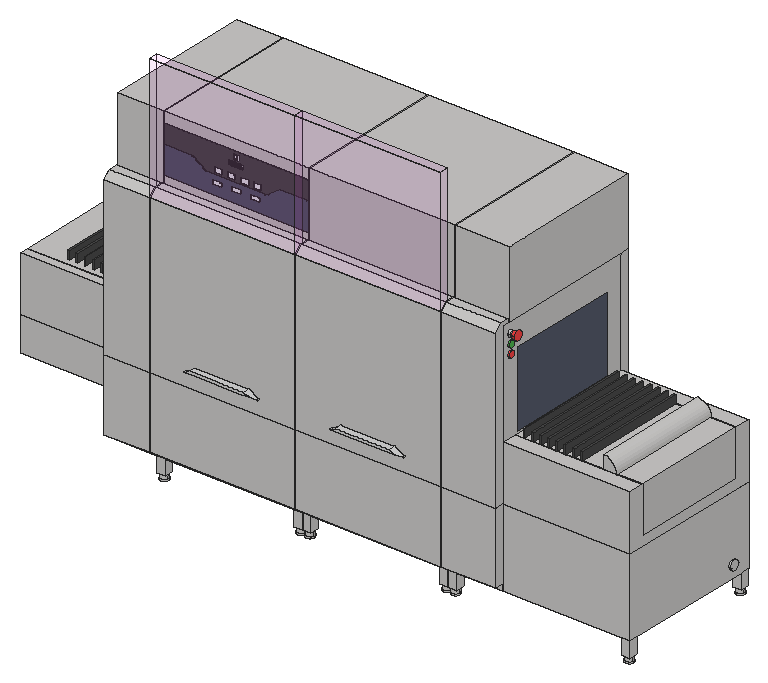
Revit family "QF_ELECTROLUXPROFESSIONAL_520701_EFTD052EL1U1M5L385", category Attrezzature speciali, Revit 2020
Family settings
  Quota connettore circolare = Usa diametro
  Tipo di parte = Normale
  Basato su piano di lavoro = No
  Sempre verticale = Sì
  Taglio con vuoti quando caricato = No
  Condiviso = No
  Punto di calcolo locali = No
Parameters (values of type "Standard")
  Weight = 663.00 kg
  Watts = 36500 W
  Volts = 380 V
  URL Manufacturer = "https://www.electroluxprofessional.com/"
  URL = "https://www.electroluxprofessional.com/"
  Steam Supply Size = 0 mm
  Steam Supply Minimum Pressure = 0.0 Pa
  Steam Supply Maximum Pressure = 0.0 Pa
  Steam Consumption per Hour = 0
  Show Logo [instance] = yes
  Show Clearance [instance] = yes
  Refrigeration Suction Line Size = 0 mm
  Refrigeration Liquid Line Size = 0 mm
  Refrigerant Compressor Remote = yes
  Prospetto di default = 0 mm
  Produttore = "Electrolux Professional"
  Phase = 3
  Modello = "EFTD052EL1U1M5L385"
  Length Actual = 3350 mm  # constant formula
  Item Number = "520701"
  Hot Water Size = 0 mm
  Height Actual = 1737 mm  # constant formula
  HP = "48.9 HP"
  Gas Size = 0 mm
  Gas KW = 0
  Gas Input Pressure = 0 W
  Direct Waste Size = 50.8 mm
  Descrizione = "FT, 1Tank, 5200D/H, El., 750mm loading, 1000mm unloading, 55mm conveyor,L>R,380V50Hz3P"
  Depth Actual = 946 mm  # constant formula
  Cycle = 50 Hz
  Condensate Return Size = 0 mm
  Compressed Air Volume = 0.0 L/s
  Compressed Air Size = 0 mm
  Compressed Air Pressure = 0.0 Pa
  Cold Water Size = 0 mm
  Accessory = yes
Reference planes
  plane 1 "Centro (Fronte/Retro)": y = 0
  plane 2: z = 0
  plane 3 "Centro (Sinistra/Destra)": x = 0
  plane 4: z = 115
Forms (mm)
  Extrusion 1, solid, material "QF_Finishes_Stainless Steel"
    sketch origin (432.404, 2, 1806.023) x (1, 0, 0) y (0, 0, 1)
      loop
        line (407.596, -163.023) -> (407.596, -183.023) -> (427.596, -183.023) -> (427.596, -163.023) -> (407.596, -163.023)
    from 0 to 2
  Extrusion 2, solid, material "QF_Finishes_Stainless Steel"
    sketch origin (3355.617, -934.464, 1290.159) x (0, 0, -1) y (0, -1, 0)
      loop
        circle (1102.159, -772.464) r 25
    from -9.383 to 5.617
  Extrusion 3, solid, material "QF_Finishes_Stainless Steel"
    sketch origin (1092.404, 2, 337.984) x (1, 0, 0) y (0, 0, 1)
      loop
        line (407.596, -163.023) -> (407.596, -183.023) -> (427.596, -183.023) -> (427.596, -163.023) -> (407.596, -163.023)
    from 0 to 2
  Extrusion 4, solid, material "QF_Finishes_Stainless Steel"
    sketch origin (1597.841, 200.464, 109.383) x (1, 0, 0) y (0, 1, 0)
      loop
        circle (1102.159, -772.464) r 10
    from -9.383 to 5.617
Dimensions and locks
  plane 4 to level = 115 mm
  aligned and locked: level to plane 2
Nested families
  nested 1: "MODULO_CENTER_800" at (1133.563, -388.258, 0), Show Clearance <- "Show Clearance", type "MODULO_CENTER_800"
    with Show Logo yes, Show Clearance yes, R_L no, L_R yes
  nested 2: "MODULO_ENTRY_DISH_750" at (358.563, -388.258, 0), type "MODULO_ENTRY_DISH_750"
    with Show Logo yes, Show Clearance yes, R_L no, L_R yes
  nested 3: "MODULO_USCITA_DISH_1000" at (2708.563, -388.258, 0), type "MODULO_USCITA_DISH_1000"
    with Show Logo yes, Show Clearance yes, R_L yes, L_R no
  nested 4: "Piedino_Square_115H" at (3326.5, -73.5, 0) x (-1, 0, 0) z (0, 0, 1), type "Piedino_Square_115H"
  nested 5: "Piedino_Square_115H" at (3326.5, -838.5, 0) x (-1, 0, 0) z (0, 0, 1), type "Piedino_Square_115H"
  nested 6: "Piedino_Square_115H" at (2373.5, -73.5, 0) x (-1, 0, 0) z (0, 0, 1), type "Piedino_Square_115H"
  nested 7: "Piedino_Square_115H" at (2373.5, -838.5, 0) x (-1, 0, 0) z (0, 0, 1), type "Piedino_Square_115H"
  nested 8: "Piedino_Square_115H" at (1573.5, -838.5, 0), type "Piedino_Square_115H"
  nested 9: "Piedino_Square_115H" at (1573.5, -73.5, 0), type "Piedino_Square_115H"
  nested 10: "Piedino_Square_115H" at (2326.5, -838.5, 0), type "Piedino_Square_115H"
  nested 11: "Piedino_Square_115H" at (2326.5, -73.5, 0), type "Piedino_Square_115H"
  nested 12: "Piedino_Square_115H" at (773.5, -838.5, 0), type "Piedino_Square_115H"
  nested 13: "Piedino_Square_115H" at (773.5, -73.5, 0), type "Piedino_Square_115H"
  nested 14: "Piedino_Square_115H" at (1526.5, -838.5, 0), type "Piedino_Square_115H"
  nested 15: "Piedino_Square_115H" at (1526.5, -73.5, 0), type "Piedino_Square_115H"
  nested 16: "MANIGLIA_FLIGHT_400" at (1150, -912, 639.28) x (1, 0, 0) z (0, -1, 0), type "MANIGLIA_FLIGHT_400"
  nested 17: "MANIGLIA_FLIGHT_400" at (1950, -912, 639.28) x (1, 0, 0) z (0, -1, 0), type "MANIGLIA_FLIGHT_400"
  nested 18: "MODULO_CENTER_800" at (1966.437, -388.258, 0) x (-1, 0, 0) z (0, 0, 1), Show Clearance <- "Show Clearance", type "MODULO_CENTER_800"
    with Show Logo yes, Show Clearance yes, R_L no, L_R yes
  nested 19: "Schermo_Flight_800" at (1150, -815, 1583) x (1, 0, 0) z (0, -1, 0), type "Schermo_Flight_800"
  nested 20: "ELX_LOGO_WORDS_WHITE" at (1150, -816.6, 1668) x (1, 0, 0) z (0, -1, 0), Show Logo <- "Show Logo", visible <- "Show Logo", type "ELX_LOGO_WORDS_WHITE"
    with Show Logo yes
  nested 21: "ELX_LOGO_MONO_SMALL_WHITE" at (1140.08, -816.6, 1654) x (-1, 0, 0) z (0, -1, 0), Show Logo <- "Show Logo", visible <- "Show Logo", type "ELX_LOGO_MONO_SMALL_WHITE"
    with Show Logo yes
Connectors
  electrical at (850, 2, 1633)
    settings: on Extrusion 1, index 69, voltage 0 V, apparent load 0 VA, apparent load phase1 0 VA, apparent load phase2 0 VA, apparent load phase3 0 VA, power factor 1, load classification "Altro", number of poles 1, system type 30, power factor state 1, is connector primary yes, connector utility no, sub classification motor no, connector description "EI"
  piping at (3365, -162, 188), diameter 50
    settings: on Extrusion 2, index 70, connector inside diameter 609.6 mm, connector length 0 mm, flow factor 0, pipe flow 0.0 L/s, pressure drop 0.0 Pa, fitting loss kfactor 0, connector angle 0.00°, fixture units 0, engagement length 0 mm, angle of deflection 0.00°, flow configuration 0, flow direction 0, fitting loss method 0, system type 29, joint type 0, gender type 0, connector reference index -1, connector utility 0, adjustable connector no, is connector primary yes, connector description "D"
  electrical at (1510, 2, 164.961)
    settings: on Extrusion 3, index 71, voltage 0 V, apparent load 0 VA, apparent load phase1 0 VA, apparent load phase2 0 VA, apparent load phase3 0 VA, power factor 1, load classification "Altro", number of poles 1, system type 30, power factor state 1, is connector primary no, connector utility no, sub classification motor no, connector description "EQ"
  piping at (2700, -572, 100), diameter 19.1
    settings: on Extrusion 4, index 72, connector inside diameter 609.6 mm, connector length 0 mm, flow factor 0, pipe flow 0.0 L/s, pressure drop 0.0 Pa, fitting loss kfactor 0, connector angle 0.00°, fixture units 0, engagement length 0 mm, angle of deflection 0.00°, flow configuration 0, flow direction 0, fitting loss method 0, system type 29, joint type 0, gender type 0, connector reference index -1, connector utility 0, adjustable connector no, is connector primary no, connector description "HWI/CWI"
Definition of nested family "MODULO_CENTER_800"
  Parameters (values of type "MODULO_CENTER_800")
    URL = "http://professional.electrolux.com"
    Show Logo [instance] = yes
    R_L [instance] = not(L_R)  # no
    Default Elevation = 0 mm
    Manufacturer = "Electrolux"
    Model = "ESR10E5"
    Length Actual = 800 mm
    Show Clearance [instance] = yes
    L_R [instance] = yes
    Height Actual = 1792 mm
    Description = "SINGLE RINSE RT, 100R/H, ELECTRIC 50HZ"
    Depth Actual = 912 mm
  Reference planes
    plane 1 "Center X": y = -67.742
    plane 2: z = 0
    plane 3 "LEFT": x = -383.563
    plane 4 "RIGHT": x = 416.437
    plane 5 "BACK": y = 388.258
    plane 6 "FEET": z = 115
    plane 7: z = 2092
    plane 8 "TOP": z = 1792
    plane 9 "FRONT": y = -523.742
    plane 10 "Left/Right": x = 16.437
  Forms (mm)
    Extrusion 1, solid
      sketch origin (416.437, 479.936, 4000) x (0, 1, 0) y (0, 0, 1)
        loop
          line (-91.678, -2208) -> (-906.678, -2208) -> (-906.678, -2580) -> (-91.678, -2580) -> (-91.678, -2208)
      from -800 to 0
    Extrusion 2, solid
      sketch origin (-383.563, 437.565, 3915) x (0, 1, 0) y (0, 0, 1)
        loop
          line (-99.307, -2495) -> (-911.307, -2495) -> (-911.307, -3557) -> (-99.307, -3557) -> (-99.307, -2495)
      from 800 to 0
    Extrusion 3, solid
      sketch origin (16.437, 0, 1.5) x (0, 0, 1) y (0, -1, 0)
        loop
          line (356.5, -338.258) -> (356.5, 473.742) -> (113.5, 473.742) -> (113.5, -338.258) -> (356.5, -338.258)
      from 400 to -400
    Extrusion 4, solid
      sketch origin (16.437, 0, 0) x (0, 0, 1) y (0, -1, 0)
        loop
          line (1420, -338.258) -> (545, -338.258) -> (545, -388.258) -> (1420, -388.258) -> (1420, -338.258)
      from -400 to 400
    Extrusion 5, solid
      sketch origin (16.437, 0, 0) x (0, 0, 1) y (0, -1, 0)
        loop
          line (545, -388.258) -> (545, -338.258) -> (154, -338.258) -> (154, -388.258) -> (545, -388.258)
      from -400 to 400
    Extrusion 6, solid
      sketch origin (16.437, -882.484, -150) x (0, -1, 0) y (0, 0, 1)
        loop
          line (-358.742, 304) -> (-358.742, 695) -> (-408.742, 695) -> (-408.742, 304) -> (-358.742, 304)
      from -400 to 400
    Extrusion 7, solid
      sketch origin (16.437, -882.484, -151) x (0, -1, 0) y (0, 0, 1)
        loop
          line (-408.742, 1571) -> (-408.742, 696) -> (-358.742, 696) -> (-358.742, 1556) -> (-395.742, 1593) -> (-443.742, 1593) -> (-443.742, 1571) -> (-408.742, 1571)
      from -400 to 400
    Extrusion 8, solid, visible <- "Show Clearance"
      sketch origin (16.437, -882.484, 452) x (0, -1, 0) y (0, 0, 1)
        loop
          line (-408.742, 1640) -> (-408.742, 953.624) -> (-358.742, 953.624) -> (-358.742, 1640) -> (-408.742, 1640)
      from -400 to 400
  Dimensions and locks
    plane 3 "LEFT" to plane 4 "RIGHT" = 800 mm
    plane 5 "BACK" to plane 1 "Center X" to plane 9 "FRONT" = 456 mm, 456 mm
    plane 6 "FEET" to level = 115 mm  (x2)
    plane 6 "FEET" to plane 8 "TOP" = 1677 mm
    plane 5 "BACK" to plane 9 "FRONT" = 912 mm  (x2)
    plane 4 "RIGHT" to plane 3 "LEFT" = 800 mm
    plane 9 "FRONT" to plane 5 "BACK" = 912 mm
    level to plane 8 "TOP" = 1792 mm  (x2)
    plane 7 to level = 2092 mm
    plane 7 to plane 2 = 2092 mm
    Extrusion 2 to level = 1420 mm
    Extrusion 7 to level = 1442 mm
    aligned and locked: level to plane 2
Definition of nested family "MODULO_ENTRY_DISH_750"
  Parameters (values of type "MODULO_ENTRY_DISH_750")
    URL = "http://professional.electrolux.com"
    Show Logo [instance] = yes
    R_L [instance] = not(L_R)  # no
    Default Elevation = 0 mm
    Manufacturer = "Electrolux"
    Model = "ESR10E5"
    Length Actual = 800 mm
    Show Clearance [instance] = yes
    L_R [instance] = yes
    Height Actual = 1792 mm
    Description = "SINGLE RINSE RT, 100R/H, ELECTRIC 50HZ"
    Depth Actual = 912 mm
  Reference planes
    plane 1 "Center (Front/Back)": y = -67.742
    plane 2: z = 0
    plane 3 "LEFT": x = -358.563
    plane 4 "RIGHT": x = 391.437
    plane 5 "BACK": y = 388.258
    plane 6 "FRONT": y = -523.742
    plane 7 "Left/Right": x = 16.437
    plane 8 "BUTTONS": y = -427.742
    plane 9: z = 115
    plane 10 "2": y = 292.258
  Forms (mm)
    Extrusion 1, solid, visible <- "L_R"
      sketch origin (391.437, 479.936, 4000) x (0, 1, 0) y (0, 0, 1)
        loop
          line (-91.678, -2208) -> (-906.678, -2208) -> (-906.678, -2580) -> (-91.678, -2580) -> (-91.678, -2208)
      from -250 to 0
    Extrusion 2, solid
      sketch origin (-358.563, 437.565, 3910) x (0, 1, 0) y (0, 0, 1)
        loop
          line (-99.307, -2490) -> (-911.307, -2490) -> (-911.307, -3552) -> (-99.307, -3552) -> (-99.307, -2490)
      from 750 to 500
    Extrusion 3, solid
      sketch origin (-358.563, 437.565, 3910) x (0, 1, 0) y (0, 0, 1)
        loop
          line (-99.307, -3365) -> (-99.307, -3060) -> (-149.307, -3060) -> (-149.307, -3315) -> (-861.307, -3315) -> (-861.307, -3060) -> (-911.307, -3060) -> (-911.307, -3365) -> (-99.307, -3365)
      from 500 to 0
    Extrusion 4, solid
      sketch origin (16.437, 0, -4.987) x (0, 0, 1) y (0, -1, 0)
        loop
          line (362.987, -338.258) -> (362.987, 473.742) -> (119.987, 473.742) -> (119.987, -338.258) -> (362.987, -338.258)
      from 375 to 125
    Extrusion 5, solid, visible <- "L_R"
      sketch origin (16.437, 0, 0) x (0, 0, 1) y (0, -1, 0)
        loop
          line (1420, -338.258) -> (545, -338.258) -> (545, -388.258) -> (1420, -388.258) -> (1420, -338.258)
      from 125 to 375
    Extrusion 6, solid
      sketch origin (16.437, 0, 0) x (0, 0, 1) y (0, -1, 0)
        loop
          line (545, -388.258) -> (545, -338.258) -> (154, -338.258) -> (154, -388.258) -> (545, -388.258)
      from 125 to 375
    Extrusion 7, solid
      sketch origin (-358.563, 437.565, 3607.258) x (0, 1, 0) y (0, 0, 1)
        loop
          line (-99.307, -3249.258) -> (-99.307, -3062.258) -> (-911.307, -3062.258) -> (-911.307, -3249.258) -> (-99.307, -3249.258)
      from 500 to 0
    Extrusion 8, solid
      sketch origin (-358.563, 437.565, 4000) x (0, 1, 0) y (0, 0, 1)
        loop
          line (-149.307, -3150) -> (-861.307, -3150) -> (-861.307, -3405) -> (-149.307, -3405) -> (-149.307, -3150)
      from 0 to 500
    Extrusion 9, solid
      sketch origin (266.437, -882.484, -150) x (0, -1, 0) y (0, 0, 1)
        loop
          line (-358.742, 304) -> (-358.742, 695) -> (-408.742, 695) -> (-408.742, 304) -> (-358.742, 304)
      from -125 to 125
    Extrusion 10, solid, visible <- "L_R"
      sketch origin (266.437, -882.484, -151) x (0, -1, 0) y (0, 0, 1)
        loop
          line (-408.742, 1571) -> (-408.742, 696) -> (-358.742, 696) -> (-358.742, 1556) -> (-395.742, 1593) -> (-443.742, 1593) -> (-443.742, 1571) -> (-408.742, 1571)
      from -125 to 125
    Extrusion 11, solid
      sketch origin (-358.563, 437.565, 4000) x (0, 1, 0) y (0, 0, 1)
        loop
          line (-199.307, -2725.701) -> (-811.307, -2725.701) -> (-811.307, -3137.701) -> (-199.307, -3137.701) -> (-199.307, -2725.701)
      from 495.458 to 500
    Extrusion 12, solid, visible <- "R_L"
      sketch origin (266.437, 747, -151) x (0, 1, 0) y (0, 0, -1)
        loop
          line (-408.742, -1571) -> (-443.742, -1571) -> (-443.742, -1593) -> (-395.742, -1593) -> (-358.742, -1556) -> (-358.742, -696) -> (-408.742, -696) -> (-408.742, -1571)
      from -125 to 125
    Extrusion 13, solid, visible <- "R_L"
      sketch origin (16.437, -135.484, 0) x (0, 0, 1) y (0, -1, 0)
        loop
          line (1420, 338.258) -> (1420, 388.258) -> (545, 388.258) -> (545, 338.258) -> (1420, 338.258)
      from 125 to 375
    Extrusion 14, solid, visible <- "R_L"
      sketch origin (391.437, -615.42, 4000) x (0, -1, 0) y (0, 0, -1)
        loop
          line (-91.678, 2208) -> (-91.678, 2580) -> (-906.678, 2580) -> (-906.678, 2208) -> (-91.678, 2208)
      from -250 to 0
    Extrusion 15, solid
      sketch origin (-191.477, -192.742, -3) x (-1, 0, 0) y (0, 0, 1)
        loop
          line (-26.676, 853) -> (-26.676, 898) -> (-36.676, 898) -> (-36.676, 853) -> (-26.676, 853)
      from -196 to 446
    Extrusion 16, solid
      sketch origin (-146.477, -192.742, -3) x (-1, 0, 0) y (0, 0, 1)
        loop
          line (-26.676, 853) -> (-26.676, 898) -> (-36.676, 898) -> (-36.676, 853) -> (-26.676, 853)
      from -196 to 446
    Extrusion 17, solid
      sketch origin (-101.477, -192.742, -3) x (-1, 0, 0) y (0, 0, 1)
        loop
          line (-26.676, 853) -> (-26.676, 898) -> (-36.676, 898) -> (-36.676, 853) -> (-26.676, 853)
      from -196 to 446
    Extrusion 18, solid
      sketch origin (-56.477, -192.742, -3) x (-1, 0, 0) y (0, 0, 1)
        loop
          line (-26.676, 853) -> (-26.676, 898) -> (-36.676, 898) -> (-36.676, 853) -> (-26.676, 853)
      from -196 to 446
    Extrusion 19, solid
      sketch origin (-11.477, -192.742, -3) x (-1, 0, 0) y (0, 0, 1)
        loop
          line (-26.676, 853) -> (-26.676, 898) -> (-36.676, 898) -> (-36.676, 853) -> (-26.676, 853)
      from -196 to 446
    Extrusion 20, solid
      sketch origin (33.523, -192.742, -3) x (-1, 0, 0) y (0, 0, 1)
        loop
          line (-26.676, 853) -> (-26.676, 898) -> (-36.676, 898) -> (-36.676, 853) -> (-26.676, 853)
      from -196 to 446
  Dimensions and locks
    plane 3 "LEFT" to plane 4 "RIGHT" = 750 mm
    plane 5 "BACK" to plane 1 "Center (Front/Back)" to plane 6 "FRONT" = 456 mm, 456 mm
    plane 5 "BACK" to plane 6 "FRONT" = 912 mm  (x2)
    plane 4 "RIGHT" to plane 3 "LEFT" = 750 mm  (x2)
    plane 6 "FRONT" to plane 5 "BACK" = 912 mm
    plane 9 to level = 115 mm
    Extrusion 1 to level = 1792 mm
    Extrusion 3 to level = 850 mm
    aligned and locked: level to plane 2
  Nested families
    nested 1: "BOTTONE_RED_STOP" at (141.437, -427.742, 1266.906) x (0, -1, 0) z (-1, 0, 0), visible <- "L_R", type "BOTTONE_RED_STOP"
    nested 2: "BOTTONE_EMERGENCY_STOP" at (141.437, -427.742, 1370) x (0, -1, 0) z (-1, 0, 0), visible <- "L_R", type "BOTTONE_EMERGENCY_STOP"
    nested 3: "BOTTONE_GREEN_START" at (141.437, -427.742, 1316.906) x (0, -1, 0) z (-1, 0, 0), visible <- "L_R", type "BOTTONE_GREEN_START"
    nested 4: "BOTTONE_RED_STOP" at (141.437, 292.258, 1267.906) x (0, 1, 0) z (-1, 0, 0), visible <- "R_L", type "BOTTONE_RED_STOP"
    nested 5: "BOTTONE_EMERGENCY_STOP" at (141.437, 292.258, 1371) x (0, 1, 0) z (-1, 0, 0), visible <- "R_L", type "BOTTONE_EMERGENCY_STOP"
    nested 6: "BOTTONE_GREEN_START" at (141.437, 292.258, 1317.906) x (0, 1, 0) z (-1, 0, 0), visible <- "R_L", type "BOTTONE_GREEN_START"
  Definition of nested family "BOTTONE_RED_STOP"
    Parameters (values of type "BOTTONE_RED_STOP")
      Default Elevation = 1219.2 mm
    Reference planes
      plane 1 "Centro (Fronte/Retro)": y = 0
      plane 2: z = 0
      plane 3 "Centro (Sinistra/Destra)": x = 0
    Forms (mm)
      Extrusion 1, solid
        sketch origin (0, 0, 0) x (1, 0, 0) y (0, 1, 0)
          loop
            line (-1219.2, 1219.2) -> (-1219.2, -1219.2) -> (1219.2, -1219.2) -> (1219.2, 1219.2) -> (-1219.2, 1219.2)
        from 0 to -304.8
      Extrusion 2, solid
        sketch origin (-367.513, 69.533, 15) x (-1, 0, 0) y (0, 1, 0)
          loop
            circle (-367.513, -69.533) r 15
        from 0 to 15
    Dimensions and locks
      aligned and locked: plane 2 to Extrusion 1
      aligned and locked: level to Extrusion 1
  Definition of nested family "BOTTONE_EMERGENCY_STOP"
    Parameters
      Default Elevation = 1219.2 mm
    Reference planes
      plane 1 "Centro (Fronte/Retro)": y = 0
      plane 2: z = 0
      plane 3 "Centro (Sinistra/Destra)": x = 0
    Forms (mm)
      Extrusion 1, solid
        sketch origin (0, 0, 0) x (1, 0, 0) y (0, 1, 0)
          loop
            line (-1219.2, 1219.2) -> (-1219.2, -1219.2) -> (1219.2, -1219.2) -> (1219.2, 1219.2) -> (-1219.2, 1219.2)
        from 0 to -304.8
      Extrusion 2, solid
        sketch origin (0, 0, 0) x (1, 0, 0) y (0, 1, 0)
          loop
            circle (0, 0) r 15
        from 0 to 20.273
      Blend 3, solid
        base sketch origin (-49.801, 0, 0) x (1, 0, 0) y (0, 1, 0)
          loop
            circle (49.801, 0) r 15
        top sketch origin (-49.801, 0, 0) x (1, 0, 0) y (0, 1, 0)
          loop
            circle (49.801, 0) r 25
        from 20.273 to 47.605
    Dimensions and locks
      aligned and locked: plane 2 to Extrusion 1
      aligned and locked: level to Extrusion 1
  Definition of nested family "BOTTONE_GREEN_START"
    Parameters (values of type "BOTTONE_GREEN_START")
      Default Elevation = 1219.2 mm
    Reference planes
      plane 1 "Centro (Fronte/Retro)": y = 0
      plane 2: z = 0
      plane 3 "Centro (Sinistra/Destra)": x = 0
    Forms (mm)
      Extrusion 1, solid
        sketch origin (0, 0, 0) x (1, 0, 0) y (0, 1, 0)
          loop
            line (-1219.2, 1219.2) -> (-1219.2, -1219.2) -> (1219.2, -1219.2) -> (1219.2, 1219.2) -> (-1219.2, 1219.2)
        from 0 to -304.8
      Extrusion 2, solid
        sketch origin (-367.513, 69.533, 15) x (-1, 0, 0) y (0, 1, 0)
          loop
            circle (-367.513, -69.533) r 15
        from 0 to 15
    Dimensions and locks
      aligned and locked: plane 2 to Extrusion 1
      aligned and locked: level to Extrusion 1
Definition of nested family "MODULO_USCITA_DISH_1000"
  Parameters (values of type "MODULO_USCITA_DISH_1000")
    URL = "http://professional.electrolux.com"
    Show Logo [instance] = yes
    R_L [instance] = not(L_R)  # yes
    Default Elevation = 0 mm
    Manufacturer = "Electrolux"
    Model = "ESR10E5"
    Length Actual = 800 mm
    Show Clearance [instance] = yes
    L_R [instance] = no
    Height Actual = 1792 mm
    Description = "SINGLE RINSE RT, 100R/H, ELECTRIC 50HZ"
    Depth Actual = 912 mm
  Reference planes
    plane 1 "Center (Front/Back)": y = -67.742
    plane 2: z = 0
    plane 3 "LEFT": x = -358.563
    plane 4 "BACK": y = 388.258
    plane 5 "FEET": z = 115
    plane 6 "TOP": z = 1792
    plane 7 "FRONT": y = -523.742
    plane 8 "Left/Right": x = 16.437
    plane 9: x = -358.563
    plane 10: y = -427.742
    plane 11 "RIGHT": x = 641.437
  Forms (mm)
    Extrusion 1, solid, visible <- "R_L"
      sketch origin (-358.563, 479.936, 4003) x (0, 1, 0) y (0, 0, -1)
        loop
          line (-91.678, 2211) -> (-91.678, 2583) -> (-906.678, 2583) -> (-906.678, 2211) -> (-91.678, 2211)
      from -300 to 0
    Extrusion 2, solid
      sketch origin (-358.563, 437.565, 4003) x (0, 1, 0) y (0, 0, 1)
        loop
          line (-99.307, -3458) -> (-911.307, -3458) -> (-911.307, -3888) -> (-99.307, -3888) -> (-99.307, -3458)
      from 300 to 0
    Extrusion 3, solid
      sketch origin (-358.563, 479.936, 4003) x (0, 1, 0) y (0, 0, -1)
        loop
          line (-141.678, 2583) -> (-141.678, 3458) -> (-953.678, 3458) -> (-953.678, 2583) -> (-141.678, 2583)
      from -300 to 0
    Extrusion 4, solid
      sketch origin (391.437, 437.565, 3913) x (0, 1, 0) y (0, 0, -1)
        loop
          line (-99.307, 3368) -> (-911.307, 3368) -> (-911.307, 3063) -> (-826.307, 3063) -> (-826.307, 3318) -> (-184.307, 3318) -> (-184.307, 3063) -> (-99.307, 3063) -> (-99.307, 3368)
      from 450 to -250
    Extrusion 5, solid, visible <- "R_L"
      sketch origin (16.437, 0, 3) x (0, 0, 1) y (0, 1, 0)
        loop
          line (1417, 338.258) -> (1417, 388.258) -> (542, 388.258) -> (542, 338.258) -> (1417, 338.258)
      from 75 to 375
    Extrusion 6, solid
      sketch origin (16.437, 0, 3) x (0, 0, 1) y (0, 1, 0)
        loop
          line (542, 388.258) -> (151, 388.258) -> (151, 338.258) -> (542, 338.258) -> (542, 388.258)
      from 75 to 375
    Extrusion 7, solid
      sketch origin (391.437, 437.565, 3610.258) x (0, 1, 0) y (0, 0, -1)
        loop
          line (-99.307, 3495.258) -> (-911.307, 3495.258) -> (-911.307, 3065.258) -> (-99.307, 3065.258) -> (-99.307, 3495.258)
      from 450 to -250
    Extrusion 8, solid
      sketch origin (641.437, 0, 3) x (0, 1, 0) y (0, 0, 1)
        loop
          line (253.258, 847) -> (-388.742, 847) -> (-388.742, 592) -> (253.258, 592) -> (253.258, 847)
      from 0 to -700
    Extrusion 9, solid
      sketch origin (-358.563, 437.565, 3928) x (0, 1, 0) y (0, 0, 1)
        loop
          line (-811.307, -3065.701) -> (-199.307, -3065.701) -> (-199.307, -2653.701) -> (-811.307, -2653.701) -> (-811.307, -3065.701)
      from 300 to 304.77
    Extrusion 10, solid
      sketch origin (-208.563, -115, -147) x (0, 1, 0) y (0, 0, 1)
        loop
          line (-358.742, 301) -> (-358.742, 692) -> (-408.742, 692) -> (-408.742, 301) -> (-358.742, 301)
      from -150 to 150
    Extrusion 11, solid, visible <- "R_L"
      sketch origin (-208.563, -882.484, -151) x (0, -1, 0) y (0, 0, 1)
        loop
          line (-408.742, 1571) -> (-408.742, 696) -> (-358.742, 696) -> (-358.742, 1556) -> (-395.742, 1593) -> (-443.742, 1593) -> (-443.742, 1571) -> (-408.742, 1571)
      from -150 to 150
    Extrusion 12, solid
      sketch origin (-39.574, -192.742, -3) x (-1, 0, 0) y (0, 0, 1)
        loop
          line (-26.676, 853) -> (-26.676, 898) -> (-36.676, 898) -> (-36.676, 853) -> (-26.676, 853)
      from -196 to 446
    Extrusion 13, solid
      sketch origin (5.426, -192.742, -3) x (-1, 0, 0) y (0, 0, 1)
        loop
          line (-26.676, 853) -> (-26.676, 898) -> (-36.676, 898) -> (-36.676, 853) -> (-26.676, 853)
      from -196 to 446
    Extrusion 14, solid
      sketch origin (50.426, -192.742, -3) x (-1, 0, 0) y (0, 0, 1)
        loop
          line (-26.676, 853) -> (-26.676, 898) -> (-36.676, 898) -> (-36.676, 853) -> (-26.676, 853)
      from -196 to 446
    Extrusion 15, solid
      sketch origin (95.426, -192.742, -3) x (-1, 0, 0) y (0, 0, 1)
        loop
          line (-26.676, 853) -> (-26.676, 898) -> (-36.676, 898) -> (-36.676, 853) -> (-26.676, 853)
      from -196 to 446
    Extrusion 16, solid
      sketch origin (140.426, -192.742, -3) x (-1, 0, 0) y (0, 0, 1)
        loop
          line (-26.676, 853) -> (-26.676, 898) -> (-36.676, 898) -> (-36.676, 853) -> (-26.676, 853)
      from -196 to 446
    Extrusion 17, solid
      sketch origin (185.426, -192.742, -3) x (-1, 0, 0) y (0, 0, 1)
        loop
          line (-26.676, 853) -> (-26.676, 898) -> (-36.676, 898) -> (-36.676, 853) -> (-26.676, 853)
      from -196 to 446
    Extrusion 18, solid
      sketch origin (230.426, -192.742, -3) x (-1, 0, 0) y (0, 0, 1)
        loop
          line (-26.676, 853) -> (-26.676, 898) -> (-36.676, 898) -> (-36.676, 853) -> (-26.676, 853)
      from -196 to 446
    Extrusion 19, solid
      sketch origin (275.426, -192.742, -3) x (-1, 0, 0) y (0, 0, 1)
        loop
          line (-26.676, 853) -> (-26.676, 898) -> (-36.676, 898) -> (-36.676, 853) -> (-26.676, 853)
      from -196 to 446
    Revolve 20, solid
      sketch origin (0, 0, 850) x (1, 0, 0) y (0, 1, 0)
        loop
          line (430.204, 253.258) -> (430.204, -388.742) -> (502.335, -388.742) -> (502.335, 253.258) -> (430.204, 253.258)
        axis (430.204, 253.258) -> (430.204, -388.742)
      angle from 0 to -90
    Extrusion 21, solid, visible <- "L_R"
      sketch origin (-208.563, 747, -151) x (0, 1, 0) y (0, 0, -1)
        loop
          line (-408.742, -1571) -> (-443.742, -1571) -> (-443.742, -1593) -> (-395.742, -1593) -> (-358.742, -1556) -> (-358.742, -696) -> (-408.742, -696) -> (-408.742, -1571)
      from -150 to 150
    Extrusion 22, solid, visible <- "L_R"
      sketch origin (16.437, -135.484, 3) x (0, 0, 1) y (0, 1, 0)
        loop
          line (1417, -338.258) -> (542, -338.258) -> (542, -388.258) -> (1417, -388.258) -> (1417, -338.258)
      from 75 to 375
    Extrusion 23, solid, visible <- "L_R"
      sketch origin (-358.563, -615.42, 4003) x (0, -1, 0) y (0, 0, 1)
        loop
          line (-91.678, -2211) -> (-906.678, -2211) -> (-906.678, -2583) -> (-91.678, -2583) -> (-91.678, -2211)
      from -300 to 0
  Dimensions and locks
    plane 4 "BACK" to plane 1 "Center (Front/Back)" to plane 7 "FRONT" = 456 mm, 456 mm
    plane 5 "FEET" to level = 115 mm  (x2)
    plane 4 "BACK" to plane 7 "FRONT" = 912 mm  (x2)
    plane 7 "FRONT" to plane 4 "BACK" = 912 mm
    level to plane 6 "TOP" = 1792 mm
    plane 3 "LEFT" to plane 8 "Left/Right" = 375 mm
    plane 8 "Left/Right" to plane 11 "RIGHT" = 625 mm
    plane 3 "LEFT" to plane 11 "RIGHT" = 1000 mm
    plane 9 to plane 11 "RIGHT" = 1000 mm
    plane 6 "TOP" to level = 1792 mm
    aligned and locked: level to plane 2
  Nested families
    nested 1: "BOTTONE_EMERGENCY_STOP" at (-58.563, -427.742, 1369) x (0, -1, 0) z (1, 0, 0), visible <- "R_L", type "BOTTONE_EMERGENCY_STOP"
    nested 2: "BOTTONE_GREEN_START" at (-58.563, -427.742, 1315.906) x (0, -1, 0) z (1, 0, 0), visible <- "R_L", type "BOTTONE_GREEN_START"
    nested 3: "BOTTONE_RED_STOP" at (-58.563, -427.742, 1265.906) x (0, -1, 0) z (1, 0, 0), visible <- "R_L", type "BOTTONE_RED_STOP"
    nested 4: "BOTTONE_EMERGENCY_STOP" at (-58.563, 292.258, 1369) x (0, 1, 0) z (1, 0, 0), visible <- "L_R", type "BOTTONE_EMERGENCY_STOP"
    nested 5: "BOTTONE_GREEN_START" at (-58.563, 292.258, 1315.906) x (0, 1, 0) z (1, 0, 0), visible <- "L_R", type "BOTTONE_GREEN_START"
    nested 6: "BOTTONE_RED_STOP" at (-58.563, 292.258, 1265.906) x (0, 1, 0) z (1, 0, 0), visible <- "L_R", type "BOTTONE_RED_STOP"
  Definition of nested family "BOTTONE_EMERGENCY_STOP"
    Parameters
      Default Elevation = 1219.2 mm
    Reference planes
      plane 1 "Centro (Fronte/Retro)": y = 0
      plane 2: z = 0
      plane 3 "Centro (Sinistra/Destra)": x = 0
    Forms (mm)
      Extrusion 1, solid
        sketch origin (0, 0, 0) x (1, 0, 0) y (0, 1, 0)
          loop
            line (-1219.2, 1219.2) -> (-1219.2, -1219.2) -> (1219.2, -1219.2) -> (1219.2, 1219.2) -> (-1219.2, 1219.2)
        from 0 to -304.8
      Extrusion 2, solid
        sketch origin (0, 0, 0) x (1, 0, 0) y (0, 1, 0)
          loop
            circle (0, 0) r 15
        from 0 to 20.273
      Blend 3, solid
        base sketch origin (-49.801, 0, 0) x (1, 0, 0) y (0, 1, 0)
          loop
            circle (49.801, 0) r 15
        top sketch origin (-49.801, 0, 0) x (1, 0, 0) y (0, 1, 0)
          loop
            circle (49.801, 0) r 25
        from 20.273 to 47.605
    Dimensions and locks
      aligned and locked: plane 2 to Extrusion 1
      aligned and locked: level to Extrusion 1
  Definition of nested family "BOTTONE_GREEN_START"
    Parameters (values of type "BOTTONE_GREEN_START")
      Default Elevation = 1219.2 mm
    Reference planes
      plane 1 "Centro (Fronte/Retro)": y = 0
      plane 2: z = 0
      plane 3 "Centro (Sinistra/Destra)": x = 0
    Forms (mm)
      Extrusion 1, solid
        sketch origin (0, 0, 0) x (1, 0, 0) y (0, 1, 0)
          loop
            line (-1219.2, 1219.2) -> (-1219.2, -1219.2) -> (1219.2, -1219.2) -> (1219.2, 1219.2) -> (-1219.2, 1219.2)
        from 0 to -304.8
      Extrusion 2, solid
        sketch origin (-367.513, 69.533, 15) x (-1, 0, 0) y (0, 1, 0)
          loop
            circle (-367.513, -69.533) r 15
        from 0 to 15
    Dimensions and locks
      aligned and locked: plane 2 to Extrusion 1
      aligned and locked: level to Extrusion 1
  Definition of nested family "BOTTONE_RED_STOP"
    Parameters (values of type "BOTTONE_RED_STOP")
      Default Elevation = 1219.2 mm
    Reference planes
      plane 1 "Centro (Fronte/Retro)": y = 0
      plane 2: z = 0
      plane 3 "Centro (Sinistra/Destra)": x = 0
    Forms (mm)
      Extrusion 1, solid
        sketch origin (0, 0, 0) x (1, 0, 0) y (0, 1, 0)
          loop
            line (-1219.2, 1219.2) -> (-1219.2, -1219.2) -> (1219.2, -1219.2) -> (1219.2, 1219.2) -> (-1219.2, 1219.2)
        from 0 to -304.8
      Extrusion 2, solid
        sketch origin (-367.513, 69.533, 15) x (-1, 0, 0) y (0, 1, 0)
          loop
            circle (-367.513, -69.533) r 15
        from 0 to 15
    Dimensions and locks
      aligned and locked: plane 2 to Extrusion 1
      aligned and locked: level to Extrusion 1
Definition of nested family "Piedino_Square_115H"
  Parameters (values of type "Piedino_Square_115H")
    Default Elevation = 0 mm
  Reference planes
    plane 1 "Centro (Fronte/Retro)": y = 0
    plane 2: z = 0
    plane 3 "Centro (Sinistra/Destra)": x = 0
    plane 4: z = 115
  Forms (mm)
    Extrusion 1, solid
      sketch origin (0, 0, 0) x (1, 0, 0) y (0, 1, 0)
        loop
          circle (0, 0) r 23
      from 0 to 5
    Extrusion 2, solid
      sketch origin (0, 0, 5) x (1, 0, 0) y (0, 1, 0)
        loop
          circle (0, 0) r 20
      from 0 to 25.777
    Extrusion 3, solid
      sketch origin (0, 0, 30.777) x (1, 0, 0) y (0, 1, 0)
        loop
          line (-23.5, 23.5) -> (-23.5, -23.5) -> (23.5, -23.5) -> (23.5, 23.5) -> (-23.5, 23.5)
      from 0 to 84.223
  Dimensions and locks
    plane 4 to level = 115 mm  (x2)
    radius of Extrusion 1 sketch curve = 23 mm
    aligned and locked: level to plane 2
    aligned and locked: Extrusion 1 to level
Definition of nested family "MANIGLIA_FLIGHT_400"
  Parameters
    Default Elevation = 1219.2 mm
  Reference planes
    plane 1 "Centro (Fronte/Retro)": y = 0
    plane 2: z = 0
    plane 3 "Centro (Sinistra/Destra)": x = 0
  Forms (mm)
    Extrusion 1, solid
      sketch origin (0, 0, 0) x (1, 0, 0) y (0, 1, 0)
        loop
          line (-1219.2, 1219.2) -> (-1219.2, -1219.2) -> (1219.2, -1219.2) -> (1219.2, 1219.2) -> (-1219.2, 1219.2)
      from 0 to -304.8
    Extrusion 2, solid
      sketch origin (-503, 656.113, -50) x (-1, 0, 0) y (0, 1, 0)
        loop
          line (-651.038, -638.613) -> (-703, -668.613) -> (-703, -673.613) -> (-658.503, -673.613) -> (-623.862, -653.613) -> (-382.138, -653.613) -> (-347.497, -673.613) -> (-303, -673.613) -> (-303, -668.613) -> (-354.962, -638.613) -> (-651.038, -638.613)
      from -86.258 to -50
    Extrusion 3, void
      sketch origin (0, -681.887, 358.742) x (0, 0, 1) y (0, 1, 0)
        loop
          line (-322.484, 684.387) -> (-353.281, 664.387) -> (-322.484, 664.387) -> (-322.484, 684.387)
      from -200 to 200
  Cuts and joins
    Extrusion 3 cuts Extrusion 2
  Dimensions and locks
    cut or joined group of Extrusion 2, Extrusion 3 to cut or joined group of Extrusion 2, Extrusion 3 = 400 mm
    cut or joined group of Extrusion 2, Extrusion 3 to cut or joined group of Extrusion 2, Extrusion 3 = 35 mm
    aligned and locked: plane 2 to Extrusion 1
    aligned and locked: level to Extrusion 1
Definition of nested family "Schermo_Flight_800"
  Parameters (values of type "Schermo_Flight_800")
    Default Elevation = 1219.2 mm
  Reference planes
    plane 1 "Center (Front/Back)": y = 0
    plane 2: z = 0
    plane 3 "Center (Left/Right)": x = 0
  Forms (mm)
    Extrusion 1, solid
      sketch origin (0, 0, 0) x (1, 0, 0) y (0, 1, 0)
        loop
          line (-1219.2, 1219.2) -> (-1219.2, -1219.2) -> (1219.2, -1219.2) -> (1219.2, 1219.2) -> (-1219.2, 1219.2)
      from 0 to -304.8
    Extrusion 2, solid
      sketch origin (0, -25, 0) x (1, 0, 0) y (0, 1, 0)
        loop
          line (-400, -82.94) -> (400, -82.94) -> (400, 70.507) -> (238.561, 70.507) -> (167.154, 20.507) -> (-167.154, 20.507) -> (-238.561, 70.507) -> (-400, 70.507) -> (-400, -82.94)
        loop
          line (-126.915, -7.668) -> (-126.915, -27.668) -> (-81.915, -27.668) -> (-81.915, -7.668) -> (-126.915, -7.668)
        loop
          line (-22.5, -7.668) -> (-22.5, -27.668) -> (22.5, -27.668) -> (22.5, -7.668) -> (-22.5, -7.668)
        loop
          line (126.915, -7.668) -> (81.915, -7.668) -> (81.915, -27.668) -> (126.915, -27.668) -> (126.915, -7.668)
      from 0 to 1.6
    Extrusion 3, solid
      sketch origin (0, -25, 0) x (1, 0, 0) y (0, 1, 0)
        loop
          line (-400, 177.06) -> (-400, 70.507) -> (-238.561, 70.507) -> (-167.154, 20.507) -> (167.154, 20.507) -> (238.561, 70.507) -> (400, 70.507) -> (400, 177.06) -> (-400, 177.06)
        loop
          line (-117.417, 56.68) -> (-117.417, 31.68) -> (-77.417, 31.68) -> (-77.417, 56.68) -> (-117.417, 56.68)
        loop
          line (-47.417, 56.68) -> (-47.417, 31.68) -> (-7.417, 31.68) -> (-7.417, 56.68) -> (-47.417, 56.68)
        loop
          line (27.583, 56.68) -> (27.583, 31.68) -> (67.583, 31.68) -> (67.583, 56.68) -> (27.583, 56.68)
        loop
          line (97.583, 56.68) -> (97.583, 31.68) -> (137.583, 31.68) -> (137.583, 56.68) -> (97.583, 56.68)
      from 0 to 1.6
    Extrusion 4, solid
      sketch origin (0, 0, 0) x (1, 0, 0) y (0, 1, 0)
        loop
          line (-117.417, 31.68) -> (-117.417, 6.68) -> (-77.417, 6.68) -> (-77.417, 31.68) -> (-117.417, 31.68)
        loop
          line (-47.417, 31.68) -> (-47.417, 6.68) -> (-7.417, 6.68) -> (-7.417, 31.68) -> (-47.417, 31.68)
        loop
          line (27.583, 31.68) -> (27.583, 6.68) -> (67.583, 6.68) -> (67.583, 31.68) -> (27.583, 31.68)
        loop
          line (97.583, 31.68) -> (97.583, 6.68) -> (137.583, 6.68) -> (137.583, 31.68) -> (97.583, 31.68)
        loop
          line (-126.915, -32.668) -> (-126.915, -52.668) -> (-81.915, -52.668) -> (-81.915, -32.668) -> (-126.915, -32.668)
        loop
          line (-22.5, -32.668) -> (-22.5, -52.668) -> (22.5, -52.668) -> (22.5, -32.668) -> (-22.5, -32.668)
        loop
          line (81.915, -32.668) -> (81.915, -52.668) -> (126.915, -52.668) -> (126.915, -32.668) -> (81.915, -32.668)
      from 0 to 1.6
  Dimensions and locks
    Extrusion 3 to Extrusion 3 = 800 mm
    Extrusion 2 to Extrusion 3 = 260 mm
    aligned and locked: plane 2 to Extrusion 1
    aligned and locked: level to Extrusion 1
Definition of nested family "ELX_LOGO_WORDS_WHITE"
  Parameters (values of type "ELX_LOGO_WORDS_WHITE")
    Show Logo [instance] = yes
    Default Elevation = 0 mm
  Reference planes
    plane 1 "Centro (Fronte/Retro)": y = 0
    plane 2: z = 0
    plane 3 "Centro (Sinistra/Destra)": x = 0
  Forms (mm)
    Extrusion 1, solid
      sketch origin (0, 0, 0) x (1, 0, 0) y (0, 1, 0)
        loop
          line (-1219.2, 1219.2) -> (-1219.2, -1219.2) -> (1219.2, -1219.2) -> (1219.2, 1219.2) -> (-1219.2, 1219.2)
      from 0 to -304.8
    Extrusion 2, solid, visible <- "Show Logo"
      sketch origin (0, 0, 0) x (1, 0, 0) y (0, 1, 0)
        loop
          line (-30.234, 10.561) -> (-37.67, 10.561) -> (-37.67, 1.902)
          arc (-37.67, 1.902) -> (-36.691, -0.461) -> (-34.329, -1.439) r 3.341
          line (-34.329, -1.439) -> (-30.09, -1.439) -> (-30.09, 0.503) -> (-33.845, 0.503)
          arc (-33.845, 0.503) -> (-35.079, 0.92) -> (-35.604, 2.112) r 1.615
          line (-35.604, 2.112) -> (-35.604, 3.829) -> (-30.555, 3.829) -> (-30.555, 5.779) -> (-35.604, 5.779) -> (-35.604, 8.617) -> (-30.234, 8.617) -> (-30.234, 10.561)
        loop
          line (-28.622, 10.561) -> (-28.622, -1.439) -> (-26.555, -1.439) -> (-26.555, 10.561) -> (-28.622, 10.561)
        loop
          line (16.27, 10.561) -> (16.27, -1.439) -> (18.338, -1.439) -> (18.338, 10.561) -> (16.27, 10.561)
        loop
          line (-23.137, 2.393) -> (-16.354, 2.393)
          arc (-16.354, 2.393) -> (-17.415, 6.119) -> (-21.043, 7.478) r 4.298
          arc (-21.043, 7.478) -> (-24.239, 5.857) -> (-25.151, 2.393) r 4.373
          arc (-25.151, 2.393) -> (-23.951, -0.505) -> (-21.053, -1.705) r 4.097
          arc (-21.053, -1.705) -> (-18.799, -1.372) -> (-16.908, -0.099) r 5.15
          line (-16.908, -0.099) -> (-18.133, 1.125)
          arc (-18.133, 1.125) -> (-19.74, 0.161) -> (-21.607, 0.323) r 3.039
          arc (-21.607, 0.323) -> (-22.746, 1.081) -> (-23.137, 2.393) r 2.013
        loop
          line (-23.085, 3.846) -> (-18.431, 3.846)
          arc (-18.431, 3.846) -> (-19.084, 5.22) -> (-20.519, 5.727) r 1.983
          arc (-20.519, 5.727) -> (-22.175, 5.295) -> (-23.085, 3.846) r 2.321
        loop
          line (-8.297, 4.711) -> (-6.999, 6.009)
          arc (-6.999, 6.009) -> (-8.627, 7.187) -> (-10.604, 7.539) r 4.497
          arc (-10.604, 7.539) -> (-13.621, 6.437) -> (-15.204, 3.642) r 4.652
          arc (-15.204, 3.642) -> (-12.536, -1.257) -> (-7.072, -0.127) r 4.684
          line (-7.072, -0.127) -> (-8.363, 1.163)
          arc (-8.363, 1.163) -> (-11.149, 0.242) -> (-13.145, 2.393) r 2.714
          arc (-13.145, 2.393) -> (-13.006, 4.094) -> (-11.835, 5.335) r 2.578
          arc (-11.835, 5.335) -> (-9.96, 5.621) -> (-8.297, 4.711) r 2.961
        loop
          line (-5.73, 10.561) -> (-5.73, 2.36)
          arc (-5.73, 2.36) -> (-5.551, 1.13) -> (-5.09, -0.025) r 5.301
          arc (-5.09, -0.025) -> (-3.615, -1.198) -> (-1.746, -1.445) r 3.531
          line (-1.746, -1.445) -> (-1.746, 0.492)
          arc (-1.746, 0.492) -> (-2.302, 0.534) -> (-2.82, 0.74) r 1.862
          arc (-2.82, 0.74) -> (-3.484, 1.442) -> (-3.662, 2.393) r 1.713
          line (-3.662, 2.393) -> (-3.662, 5.362) -> (-1.785, 5.362) -> (-1.785, 7.24) -> (-3.662, 7.24) -> (-3.662, 10.561) -> (-5.73, 10.561)
        loop
          arc (2.004, 3.123) -> (2.152, 3.988) -> (2.578, 4.755) r 2.607
          arc (2.578, 4.755) -> (3.817, 5.391) -> (5.208, 5.362) r 2.84
          line (5.208, 5.362) -> (5.208, 7.349)
          arc (5.208, 7.349) -> (3.39, 7.177) -> (2.004, 5.989) r 3.016
          line (2.004, 5.989) -> (2.004, 7.24) -> (-0.046, 7.24) -> (-0.046, -1.439) -> (2.004, -1.439) -> (2.004, 3.123)
        loop
          circle (10.262, 2.899) r 4.599
        loop
          circle (10.262, 2.899) r 2.787
        loop
          arc (25.793, 2.175) -> (25.283, 0.772) -> (23.898, 0.213) r 1.835
          arc (23.898, 0.213) -> (22.514, 0.772) -> (22.004, 2.175) r 1.835
          line (22.004, 2.175) -> (22.004, 7.24) -> (19.919, 7.24) -> (19.919, 2.003)
          arc (19.919, 2.003) -> (21.105, -0.701) -> (23.898, -1.659) r 3.675
          arc (23.898, -1.659) -> (26.723, -0.672) -> (27.877, 2.088) r 3.675
          line (27.877, 2.088) -> (27.877, 7.24) -> (25.793, 7.24) -> (25.793, 2.175)
        loop
          line (29.126, 7.24) -> (32.128, 3.164) -> (28.83, -1.442) -> (31.052, -1.442) -> (33.241, 1.615) -> (35.462, -1.442) -> (37.67, -1.442) -> (34.419, 3.211) -> (37.392, 7.24) -> (35.135, 7.24) -> (33.234, 4.663) -> (31.362, 7.24) -> (29.126, 7.24)
        loop
          line (-35.875, -6.414) -> (-37.523, -6.414) -> (-37.523, -10.564) -> (-36.621, -10.564) -> (-36.621, -9.135) -> (-35.625, -9.135)
          arc (-35.625, -9.135) -> (-34.509, -7.66) -> (-35.875, -6.414) r 1.372
        loop
          arc (-35.664, -8.32) -> (-35.322, -7.786) -> (-35.664, -7.253) r 0.587
          line (-35.664, -7.253) -> (-36.621, -7.253) -> (-36.621, -8.32) -> (-35.664, -8.32)
        loop
          line (-29.363, -6.414) -> (-31.04, -6.414) -> (-31.04, -10.564) -> (-30.138, -10.564) -> (-30.138, -9.135) -> (-29.265, -9.135) -> (-28.669, -10.564) -> (-27.7, -10.564) -> (-28.516, -8.814)
          arc (-28.516, -8.814) -> (-28.125, -8.347) -> (-27.994, -7.752) r 1.281
          arc (-27.994, -7.752) -> (-28.406, -6.804) -> (-29.363, -6.414) r 1.37
        loop
          line (-30.138, -7.253) -> (-30.138, -8.32) -> (-29.18, -8.32)
          arc (-29.18, -8.32) -> (-28.839, -7.786) -> (-29.18, -7.253) r 0.587
          line (-29.18, -7.253) -> (-30.138, -7.253)
        loop
          circle (-22.402, -8.489) r 2.156
        loop
          circle (-22.402, -8.489) r 1.368
        loop
          line (-16.703, -6.414) -> (-16.703, -10.564) -> (-15.823, -10.564) -> (-15.823, -9.114) -> (-14.261, -9.114) -> (-14.261, -8.184) -> (-15.823, -8.184) -> (-15.823, -7.308) -> (-14.111, -7.308) -> (-14.111, -6.414) -> (-16.703, -6.414)
        loop
          line (-10.611, -6.414) -> (-10.611, -9.216)
          arc (-10.611, -9.216) -> (-10.229, -10.166) -> (-9.284, -10.561) r 1.327
          line (-9.284, -10.561) -> (-7.945, -10.561) -> (-7.945, -9.777) -> (-9.204, -9.777)
          arc (-9.204, -9.777) -> (-9.668, -9.394) -> (-9.759, -8.799) r 0.845
          line (-9.759, -8.799) -> (-8.1, -8.799) -> (-8.1, -8.015) -> (-9.759, -8.015) -> (-9.759, -7.198) -> (-7.985, -7.198) -> (-7.985, -6.414) -> (-10.611, -6.414)
        loop
          arc (4.417, -6.94) -> (3.867, -6.489) -> (3.171, -6.345) r 1.485
          arc (3.171, -6.345) -> (2.528, -6.503) -> (2, -6.902) r 1.645
          arc (2, -6.902) -> (1.902, -7.844) -> (2.51, -8.571) r 1.217
          arc (2.51, -8.571) -> (3.021, -8.741) -> (3.506, -8.976) r 4.201
          arc (3.506, -8.976) -> (3.812, -9.337) -> (3.601, -9.761) r 0.43
          arc (3.601, -9.761) -> (3.209, -9.853) -> (2.819, -9.754) r 0.846
          arc (2.819, -9.754) -> (2.482, -9.511) -> (2.275, -9.15) r 0.983
          line (2.275, -9.15) -> (1.549, -9.489)
          arc (1.549, -9.489) -> (1.811, -9.993) -> (2.232, -10.374) r 1.595
          arc (2.232, -10.374) -> (2.71, -10.578) -> (3.227, -10.63) r 1.719
          arc (3.227, -10.63) -> (3.867, -10.503) -> (4.442, -10.197) r 2.246
          arc (4.442, -10.197) -> (4.697, -9.52) -> (4.566, -8.81) r 1.349
          arc (4.566, -8.81) -> (4.282, -8.482) -> (3.919, -8.245) r 1.564
          arc (3.919, -8.245) -> (3.46, -8.04) -> (2.99, -7.864) r 8.236
          arc (2.99, -7.864) -> (2.718, -7.441) -> (3.111, -7.128) r 0.375
          arc (3.111, -7.128) -> (3.581, -7.241) -> (3.943, -7.563) r 0.998
          line (3.943, -7.563) -> (4.417, -6.94)
        loop
          line (8.225, -6.414) -> (8.225, -10.561) -> (9.077, -10.561) -> (9.077, -6.414) -> (8.225, -6.414)
        loop
          circle (14.827, -8.488) r 1.29
        loop
          circle (14.827, -8.488) r 2.154
        loop
          line (20.548, -10.561) -> (21.409, -10.561) -> (21.409, -7.954) -> (23.306, -10.561) -> (24.135, -10.561) -> (24.135, -6.414) -> (23.274, -6.414) -> (23.274, -9.101) -> (21.377, -6.414) -> (20.548, -6.414) -> (20.548, -10.561)
        loop
          line (28.435, -10.561) -> (28.839, -9.667) -> (30.373, -9.667) -> (30.777, -10.561) -> (31.693, -10.561) -> (29.942, -6.414) -> (29.142, -6.414) -> (27.519, -10.561) -> (28.435, -10.561)
        loop
          line (29.99, -8.816) -> (29.579, -7.905) -> (29.18, -8.816) -> (29.99, -8.816)
        loop
          line (35.929, -9.777) -> (35.929, -6.414) -> (35.076, -6.414) -> (35.076, -10.561) -> (37.523, -10.561) -> (37.523, -9.777) -> (35.929, -9.777)
        loop
          arc (-1.8, -6.94) -> (-2.35, -6.489) -> (-3.046, -6.345) r 1.485
          arc (-3.046, -6.345) -> (-3.689, -6.503) -> (-4.218, -6.902) r 1.645
          arc (-4.218, -6.902) -> (-4.316, -7.844) -> (-3.708, -8.571) r 1.217
          arc (-3.708, -8.571) -> (-3.197, -8.741) -> (-2.712, -8.976) r 4.201
          arc (-2.712, -8.976) -> (-2.405, -9.337) -> (-2.616, -9.761) r 0.43
          arc (-2.616, -9.761) -> (-3.008, -9.853) -> (-3.399, -9.754) r 0.846
          arc (-3.399, -9.754) -> (-3.736, -9.511) -> (-3.942, -9.15) r 0.983
          line (-3.942, -9.15) -> (-4.668, -9.489)
          arc (-4.668, -9.489) -> (-4.407, -9.993) -> (-3.985, -10.374) r 1.595
          arc (-3.985, -10.374) -> (-3.507, -10.578) -> (-2.99, -10.63) r 1.719
          arc (-2.99, -10.63) -> (-2.351, -10.503) -> (-1.775, -10.197) r 2.246
          arc (-1.775, -10.197) -> (-1.521, -9.52) -> (-1.652, -8.81) r 1.349
          arc (-1.652, -8.81) -> (-1.936, -8.482) -> (-2.298, -8.245) r 1.564
          arc (-2.298, -8.245) -> (-2.757, -8.04) -> (-3.228, -7.864) r 8.236
          arc (-3.228, -7.864) -> (-3.5, -7.441) -> (-3.107, -7.128) r 0.375
          arc (-3.107, -7.128) -> (-2.636, -7.241) -> (-2.274, -7.563) r 0.998
          line (-2.274, -7.563) -> (-1.8, -6.94)
      from 0 to 1.644
  Dimensions and locks
    aligned and locked: plane 2 to Extrusion 1
    aligned and locked: level to Extrusion 1
Definition of nested family "ELX_LOGO_MONO_SMALL_WHITE"
  Parameters (values of type "ELX_LOGO_MONO_SMALL_WHITE")
    Show Logo [instance] = yes
    Default Elevation = 1219.2 mm
  Reference planes
    plane 1 "Center (Front/Back)": y = -49
    plane 2: z = 0
    plane 3 "Center (Left/Right)": x = -9.92
  Forms (mm)
    Extrusion 1, solid
      sketch origin (0, 0, 0) x (1, 0, 0) y (0, 1, 0)
        loop
          line (-1219.2, 1219.2) -> (-1219.2, -1219.2) -> (1219.2, -1219.2) -> (1219.2, 1219.2) -> (-1219.2, 1219.2)
      from 0 to -304.8
    Extrusion 2, solid, visible <- "Show Logo"
      sketch origin (84.462, 509.781, 0) x (1, 0, 0) y (0, 1, 0)
        loop
          line (-97.736, -569.727) -> (-97.736, -547.891)
          arc (-97.736, -547.891) -> (-105.808, -558.809) -> (-97.736, -569.727) r 11.42
        loop
          arc (-96.625, -569.727) -> (-87.544, -567.663) -> (-83.169, -559.442) r 11.191
          line (-83.169, -559.442) -> (-86.782, -559.442)
          arc (-86.782, -559.442) -> (-93.235, -562.062) -> (-96.625, -568.146) r 10.49
          line (-96.625, -568.146) -> (-96.625, -569.727)
        loop
          arc (-96.625, -549.472) -> (-93.235, -555.557) -> (-86.782, -558.176) r 10.49
          line (-86.782, -558.176) -> (-83.169, -558.176)
          arc (-83.169, -558.176) -> (-87.537, -549.888) -> (-96.625, -547.611) r 11.484
          line (-96.625, -547.611) -> (-96.625, -549.472)
        loop
          line (-82.34, -570.919) -> (-82.34, -546.65) -> (-106.642, -546.65) -> (-106.642, -570.919) -> (-82.34, -570.919)
      from 0 to 1.644
  Dimensions and locks
    aligned and locked: plane 2 to Extrusion 1
    aligned and locked: level to Extrusion 1
